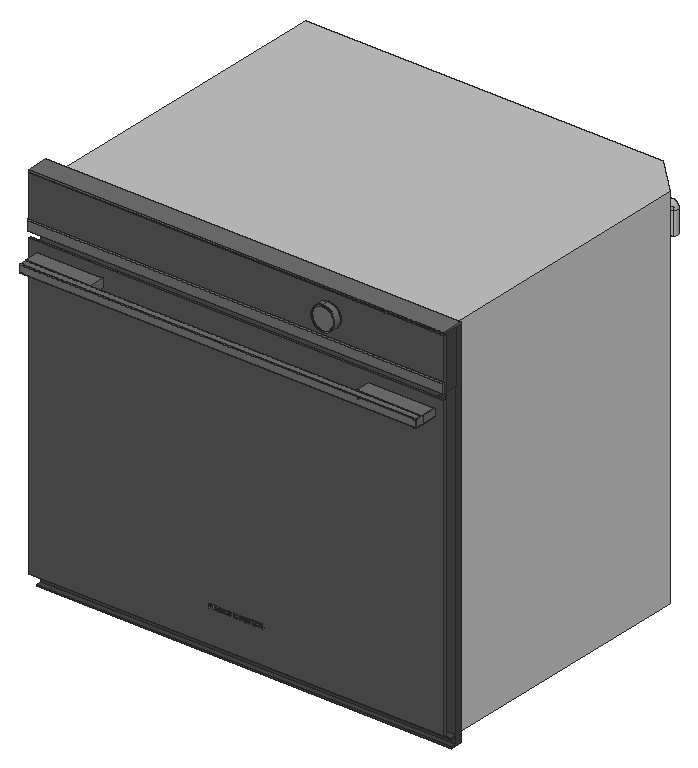
Revit family "FP_Revit_18_OB30SDPTDB1_Oven_90000938A", category Specialty Equipment, Revit 2018
Family settings
  Round Connector Dimension = Use Diameter
  Part Type = Normal
  OmniClass Number = 23.40.40.14.17.11
  OmniClass Title = Cookers, Ovens, Stoves
  Work Plane-Based = No
  Always vertical = Yes
  Cut with Voids When Loaded = Yes
  Shared = No
  Room Calculation Point = No
Parameters (values of type "OB30SDPTDB1")
  Visibility - Clearance Required = yes
  URL = "www.fisherpaykel.com"
  Product - Width = 760 mm  # constant formula
  Product - Height = 690 mm  # constant formula
  Product - Depth = 609 mm  # constant formula
  Model = "OB30SDPTDB1"
  Material - Trim = Fisher & Paykel - Aluminium, Dark
  Material - Structure = Fisher & Paykel - Black
  Material - Handle = Fisher & Paykel - Aluminium, Dark
  Material - Glass = Fisher & Paykel - Glass, Black
  Material - Buttons and Dials = Fisher & Paykel - Aluminium, Dark
  Material - Body = Fisher & Paykel - Grey
  Manufacturer = "Fisher & Paykel Appliances"
  FFL Offset [instance] = 170 mm
  Description = "30\" Self Cleaning Oven"
  Connector Note - Electrical = "208V or 240 V, 16.6 A - 19.4 A"
  Chassis - Width = 720 mm  # constant formula
  Chassis - Height = 675 mm  # constant formula
  Chassis - Depth = 569 mm  # constant formula
  Cavity - Width = 764 mm  # constant formula
  Cavity - Height = 693 mm  # constant formula
  Cavity - Depth = 575 mm  # constant formula
Reference planes
  plane 1 "Datum": y = 0
  plane 2: z = 0
  plane 3 "Center (Left/Right)": x = 0
  plane 4: z = 863
  plane 5: z = 860
  plane 6 "Product LHS": x = -380
  plane 7 "Product RHS": x = 380
  plane 8 "Product - Depth": y = 569
  plane 9 "Cavity LHS": x = -382
  plane 10 "Cavity RHS": x = 382
  plane 11 "Cavity - Depth": y = 575
  plane 12 "Front Face": y = -40
  plane 13 "FFL Offset": z = 170
Forms (mm)
  Extrusion 1, solid, material "Fisher & Paykel - Grey" <- "Material - Body"
    sketch origin (0, 0, 0) x (1, 0, 0) y (0, 1, 0)
      loop
        line (-359.809, 0) -> (360.191, 0) -> (360.191, 503) -> (294.191, 569) -> (-359.809, 569) -> (-359.809, 0)
    from 170 to 845
  Extrusion 2, solid, material "Fisher & Paykel - Clearance Required", visible <- "Visibility - Clearance Required", detail levels coarse
    sketch origin (0, 0, 0) x (1, 0, 0) y (0, 1, 0)
      loop
        line (-361.809, 0) -> (362.191, 0) -> (362.191, 575) -> (-361.809, 575) -> (-361.809, 0)
    from 170 to 851
  Extrusion 3, solid, material "Fisher & Paykel - Black" <- "Material - Structure"
    sketch origin (0, 0, 0) x (0, 1, 0) y (0, 0, 1)
      loop
        line (-11, 857.1) -> (-11, 187.834) -> (-21.5, 185.02) -> (-21.254, 184.102) -> (-11, 186.85) -> (-11, 171.95) -> (-22, 171.95) -> (-22, 170) -> (0, 170) -> (0, 857.1) -> (-11, 857.1)
    from -380 to 380
  Extrusion 4, solid, material "Fisher & Paykel - Black" <- "Material - Structure"
    sketch origin (0, 0, 0) x (0, 1, 0) y (0, 0, 1)
      loop
        line (-36, 857.1) -> (-36, 760) -> (-11, 760) -> (-11, 857.1) -> (-36, 857.1)
    from -380 to 380
  Extrusion 5, solid, material "Fisher & Paykel - Black" <- "Material - Structure"
    sketch origin (0, 0, 0) x (0, 1, 0) y (0, 0, 1)
      loop
        line (-16.2, 197.63) -> (-16.2, 747.665) -> (-36, 747.665) -> (-36, 197.63) -> (-16.2, 197.63)
    from -365 to 363.494
  Extrusion 6, solid, material "Fisher & Paykel - Black" <- "Material - Structure"
    sketch origin (0, 0, 0) x (0, 1, 0) y (0, 0, 1)
      loop
        line (-16.2, 747.665) -> (-16.2, 197.63) -> (-11, 197.63) -> (-11, 747.665) -> (-16.2, 747.665)
    from -361 to 361
  Extrusion 7, solid, material "Fisher & Paykel - Glass, Black" <- "Material - Glass"
    sketch origin (0, 0, 0) x (0, 1, 0) y (0, 0, 1)
      loop
        line (-40, 747.665) -> (-40, 197.63) -> (-36, 197.63) -> (-36, 747.665) -> (-40, 747.665)
    from -380 to 380
  Extrusion 8, solid, material "Fisher & Paykel - Glass, Black"
    sketch origin (0, 0, 0) x (0, 1, 0) y (0, 0, 1)
      loop
        line (-40, 855.1) -> (-40, 760) -> (-36, 760) -> (-36, 855.1) -> (-40, 855.1)
    from -380 to 380
  Extrusion 9, solid, material "Fisher & Paykel - Aluminium, Dark" <- "Material - Trim", detail levels fine
    sketch origin (0, 0, 0) x (0, 1, 0) y (0, 0, 1)
      loop
        line (-41.95, 777.531) -> (-41.95, 760) -> (-40, 760) -> (-40, 779.643) -> (-40.8, 779.643) -> (-41.95, 777.531)
    from -380 to 380
  Extrusion 10, solid, material "Fisher & Paykel - Clearance Required", visible <- "Visibility - Clearance Required", detail levels coarse
    sketch origin (0, -2000, 0) x (0, 1, 0) y (0, 0, 1)
      loop
        line (2000, 863) -> (1961, 863) -> (1961, 749.316)
        arc (1961, 749.316) -> (1570.899, 587.731) -> (1409.314, 197.63) r 551.686
        line (1409.314, 197.63) -> (1960, 197.63) -> (1960, 170) -> (2000, 170) -> (2000, 863)
    from -382 to 382
  Extrusion 11, solid, material "Fisher & Paykel - Aluminium, Dark" <- "Material - Trim"
    sketch origin (0, 0, 0) x (0, 1, 0) y (0, 0, 1)
      loop
        line (-40, 860) -> (-40, 857.1) -> (0, 857.1) -> (0, 860) -> (-40, 860)
    from -380 to 380
  Extrusion 12, void
    sketch origin (0, 0, 0) x (1, 0, 0) y (0, 1, 0)
      loop
        line (-361.809, 575) -> (-361.809, 0) -> (362.191, 0) -> (362.191, 575) -> (-361.809, 575)
    from 170 to 851
  Extrusion 13, void
    sketch origin (0, 0, 0) x (1, 0, 0) y (0, 1, 0)
      loop
        line (-382, 0) -> (-382, -40) -> (382, -40) -> (382, 0) -> (-382, 0)
    from 170 to 863
Lines and regions (mm)
  model lines, style "Fisher & Paykel"
    curve 1: line (-54, -40, 850.5) -> (54, -40, 850.5)
    curve 2: line (-54, -40, 785.7) -> (-54, -40, 850.5)
    curve 3: line (54, -40, 785.7) -> (-54, -40, 785.7)
    curve 4: line (54, -40, 850.5) -> (54, -40, 785.7)
Text (mm)
  text "Due to ongoing product development, product details are subject to change without notice. \nPlease always refer to www.fisherpaykel.com for the most current product information. \n© Fisher & Paykel 2020" at (41.04, -678.295, 0), in view "Ref. Level (Plan)"
Dimensions and locks
  equal spacing: plane 6 "Product LHS", plane 3 "Center (Left/Right)", plane 7 "Product RHS"
  "Product - Width": plane 6 "Product LHS" to plane 7 "Product RHS"
  "Chassis - Depth": plane 1 "Datum" to plane 8 "Product - Depth"
  equal spacing: plane 9 "Cavity LHS", plane 3 "Center (Left/Right)", plane 10 "Cavity RHS"
  "Cavity - Depth": plane 11 "Cavity - Depth" to plane 1 "Datum"
  Extrusion 2 to Extrusion 2 = 724 mm
  "Cavity - Width": plane 9 "Cavity LHS" to plane 10 "Cavity RHS"
  "Chassis - Width": Extrusion 1 to Extrusion 1
  plane 12 "Front Face" to plane 1 "Datum" = 40 mm
  "FFL Offset": plane 13 "FFL Offset" to level
  "Product - Height": plane 5 to plane 13 "FFL Offset"
  "Cavity - Height": plane 4 to plane 13 "FFL Offset"
  locked: plane 5 to nested 1 at 109.352
  "Chassis - Height": Extrusion 1 to plane 13 "FFL Offset"
  locked: plane 5 to nested 3 at 44.498
  locked: Extrusion 7 to plane 13 "FFL Offset" at 27.63
  locked: Extrusion 2 to plane 13 "FFL Offset" at 681
  locked: plane 5 to nested 4 at 129.432
  locked: nested 2 to plane 13 "FFL Offset" at 88.491
  aligned and locked: level to plane 2
  aligned and locked: plane 6 "Product LHS" to Extrusion 3
  aligned and locked: Extrusion 3 to plane 7 "Product RHS"
  aligned and locked: plane 9 "Cavity LHS" to Extrusion 10
  aligned and locked: Extrusion 10 to plane 10 "Cavity RHS"
  aligned and locked: Extrusion 1 to plane 13 "FFL Offset"
  aligned and locked: plane 13 "FFL Offset" to Extrusion 3 sketch curve
  aligned and locked: Extrusion 10 sketch curve to plane 13 "FFL Offset"
  aligned and locked: Extrusion 7 to Extrusion 6
  aligned and locked: Extrusion 5 to Extrusion 6
  aligned and locked: Extrusion 2 to Extrusion 1
  aligned and locked: Extrusion 12 to Extrusion 1
  aligned and locked: Extrusion 13 to Extrusion 1
  aligned and locked: plane 4 to Extrusion 13
  aligned and locked: Extrusion 12 to Extrusion 2
Automatic sketch dimensions
  plane 1 "Datum" to Extrusion 1 sketch curve = 0 mm
  Extrusion 1 sketch curve to plane 8 "Product - Depth" = 0 mm
  Extrusion 1 sketch curve to plane 6 "Product LHS" = 20.191 mm
  plane 7 "Product RHS" to Extrusion 1 sketch curve = 85.809 mm
  plane 7 "Product RHS" to Extrusion 1 sketch curve = 19.809 mm
  Extrusion 1 sketch curve to plane 8 "Product - Depth" = 66 mm
  plane 1 "Datum" to Extrusion 2 sketch curve = 0 mm
  plane 11 "Cavity - Depth" to Extrusion 2 sketch curve = 0 mm
  Extrusion 2 sketch curve to plane 6 "Product LHS" = 18.191 mm
  plane 7 "Product RHS" to Extrusion 2 sketch curve = 17.809 mm
  plane 1 "Datum" to Extrusion 4 sketch curve = 36 mm
  plane 1 "Datum" to Extrusion 4 sketch curve = 11 mm
  Extrusion 4 sketch curve to plane 5 = 100 mm
  Extrusion 4 sketch curve to plane 5 = 2.9 mm
  plane 1 "Datum" to Extrusion 5 sketch curve = 36 mm
  plane 1 "Datum" to Extrusion 5 sketch curve = 16.2 mm
  level to Extrusion 5 sketch curve = 197.63 mm
  Extrusion 5 sketch curve to plane 5 = 112.335 mm
  plane 1 "Datum" to Extrusion 6 sketch curve = 16.2 mm
  Extrusion 6 sketch curve to Extrusion 6 sketch curve = 5.2 mm
  level to Extrusion 6 sketch curve = 197.63 mm
  Extrusion 6 sketch curve to plane 5 = 112.335 mm
  plane 1 "Datum" to Extrusion 7 sketch curve = 40 mm
  Extrusion 7 sketch curve to Extrusion 7 sketch curve = 4 mm
  level to Extrusion 7 sketch curve = 197.63 mm
  Extrusion 7 sketch curve to plane 5 = 112.335 mm
  plane 1 "Datum" to Extrusion 8 sketch curve = 40 mm
  Extrusion 8 sketch curve to Extrusion 8 sketch curve = 4 mm
  Extrusion 8 sketch curve to plane 5 = 100 mm
  Extrusion 8 sketch curve to plane 5 = 4.9 mm
  plane 5 to Extrusion 11 sketch curve = 0 mm
  Extrusion 11 sketch curve to plane 5 = 2.9 mm
  Extrusion 11 sketch curve to Extrusion 11 sketch curve = 40 mm
  plane 1 "Datum" to Extrusion 11 sketch curve = 40 mm
  plane 1 "Datum" to Extrusion 12 sketch curve = 0 mm
  Extrusion 12 sketch curve to plane 6 "Product LHS" = 18.191 mm
  plane 7 "Product RHS" to Extrusion 12 sketch curve = 17.809 mm
  plane 11 "Cavity - Depth" to Extrusion 12 sketch curve = 0 mm
  Extrusion 13 sketch curve to plane 9 "Cavity LHS" = 0 mm
  Extrusion 13 sketch curve to plane 10 "Cavity RHS" = 0 mm
  plane 1 "Datum" to Extrusion 13 sketch curve = 0 mm
  plane 1 "Datum" to Extrusion 13 sketch curve = 40 mm
  Extrusion 9 sketch curve to Extrusion 9 sketch curve = 0.8 mm
  Extrusion 9 sketch curve to plane 12 "Front Face" = 1.95 mm
  Extrusion 9 sketch curve to plane 5 = 100 mm
  Extrusion 9 sketch curve to Extrusion 9 sketch curve = 17.531 mm
  Extrusion 9 sketch curve to Extrusion 9 sketch curve = 2.112 mm
  Extrusion 9 sketch curve to plane 12 "Front Face" = 0 mm
  plane 3 "Center (Left/Right)" to curve 1 = 54 mm
  curve 2 to plane 4 = 77.3 mm
  curve 3 to curve 2 = 108 mm
  curve 2 to curve 1 = 64.8 mm
  Extrusion 3 sketch curve to plane 1 "Datum" = 0 mm
  plane 1 "Datum" to Extrusion 3 sketch curve = 11 mm
  Extrusion 3 sketch curve to Extrusion 3 sketch curve = 0 mm
  Extrusion 3 sketch curve to Extrusion 3 sketch curve = 10.254 mm
  plane 13 "FFL Offset" to Extrusion 3 sketch curve = 15.02 mm
  Extrusion 3 sketch curve to Extrusion 3 sketch curve = 0.246 mm
  plane 13 "FFL Offset" to Extrusion 3 sketch curve = 1.95 mm
  Extrusion 3 sketch curve to Extrusion 3 sketch curve = 11 mm
  Extrusion 3 sketch curve to Extrusion 3 sketch curve = 0.918 mm
  Extrusion 3 sketch curve to plane 5 = 2.9 mm
  Extrusion 10 sketch curve to plane 1 "Datum" = 0 mm
  plane 12 "Front Face" to Extrusion 10 sketch curve = 1 mm
  Extrusion 10 sketch curve to Extrusion 10 sketch curve = 1 mm
  plane 13 "FFL Offset" to Extrusion 10 sketch curve = 27.63 mm
  Extrusion 10 sketch curve to plane 12 "Front Face" = 550.686 mm
  Extrusion 10 sketch curve to plane 4 = 0 mm
Nested families
  nested 1: "F&P Inlet Power OB30" at (327.191, 536, 800.625) x (0.7071, -0.7071, 0) z (0, 0, 1), type "F&P Inlet Power OB30"
  nested 2: "F&P Logo 100mm" at (0, -40, 258.6), type "Grey", detail levels fine
  nested 3: "F&P Dial OB" at (170, -40, 815.502), type "F&P Dial OB Black"
  nested 4: "F&P Handle Contemporary Square OB30" at (0, -40, 722.59), type "Aluminium, Dark"
Connectors
  electrical at (334.648, 543.457, 750.648), driven by "Connector Note - Electrical"
    settings: on nested 1, index 1, voltage 120 V, apparent load 0 VA, apparent load phase1 0 VA, apparent load phase2 0 VA, apparent load phase3 0 VA, power factor 1, load classification "Other", number of poles 2, system type 30, power factor state 1, is connector primary yes, connector utility no, sub classification motor no, connector description "208V or 240 V, 16.6 A - 19.4 A"
Definition of nested family "F&P Inlet Power OB30"
  Parameters (values of type "F&P Inlet Power OB30")
    URL = "www.fisherpaykel.com"
    Material - Body = none
    Manufacturer = "Fisher & Paykel Appliances"
  Reference planes
    plane 1 "Center (Front/Back)": y = 0
    plane 2: z = 0
    plane 3 "Center (Left/Right)": x = 0
  Forms (mm)
    Extrusion 1, solid, material <- "Material - Body"
      sketch origin (0, 0, 0) x (1, 0, 0) y (0, 0, 1)
        loop
          circle (0, 0) r 14.523
        loop
          circle (0, 0) r 7.273
      from -3.02 to 0
    Sweep 2, solid, material <- "Material - Body"
      path origin (0, 0, 0) x (0, 1, 0) y (0, 0, 1)
        loop
          line (0, 0) -> (2.546, 0)
          arc (2.546, 0) -> (8.203, -2.343) -> (10.546, -8) r 8
          line (10.546, -8) -> (10.546, -49.977)
      profile origin (0, 1.273, 0) x (0, 0, 1) y (1, 0, 0)
        loop
          circle (0, 0) r 7.273
  Dimensions and locks
    aligned and locked: level to plane 2
Definition of nested family "F&P Logo 100mm"
  Parameters (values of type "Chrome")
    URL = "www.fisherpaykel.com"
    Material - Logo = none
    Manufacturer = "Fisher & Paykel Appliances"
  Types (3): name
    (no name)
    Chrome
    Grey
  Reference planes
    plane 1 "Center (Front/Back)": y = 0
    plane 2: z = 0
    plane 3 "Center (Left/Right)": x = 0
  Forms (mm)
    Extrusion 1, solid, material <- "Material - Logo", detail levels fine
      sketch origin (0, 0, 0) x (1, 0, 0) y (0, 0, 1)
        loop
          line (-50.044, 0) -> (-48.47, 0) -> (-48.47, 2.138) -> (-46.011, 2.138) -> (-46.011, 3.472) -> (-48.47, 3.472) -> (-48.47, 4.712) -> (-45.795, 4.712) -> (-45.795, 6.04) -> (-50.044, 6.04) -> (-50.044, 0)
        loop
          line (-42.804, 6.04) -> (-42.804, 0) -> (-41.23, 0) -> (-41.23, 6.04) -> (-42.804, 6.04)
        loop
          line (-30.724, 6.04) -> (-30.724, 0) -> (-29.151, 0) -> (-29.151, 2.42) -> (-26.839, 2.42) -> (-26.839, 0) -> (-25.265, 0) -> (-25.265, 6.04) -> (-26.839, 6.04) -> (-26.839, 3.748) -> (-29.151, 3.748) -> (-29.151, 6.04) -> (-30.724, 6.04)
        loop
          line (-21.906, 6.04) -> (-21.906, 0) -> (-17.602, 0) -> (-17.602, 1.328) -> (-20.347, 1.328) -> (-20.347, 2.42) -> (-17.838, 2.42) -> (-17.838, 3.748) -> (-20.347, 3.748) -> (-20.347, 4.712) -> (-17.602, 4.712) -> (-17.602, 6.04) -> (-21.906, 6.04)
        loop
          line (45.667, 6.04) -> (45.667, 0) -> (49.956, 0) -> (49.956, 1.328) -> (47.241, 1.328) -> (47.241, 6.04) -> (45.667, 6.04)
        loop
          line (42.431, 6.04) -> (38.112, 6.04) -> (38.112, 0) -> (42.431, 0) -> (42.431, 1.328) -> (39.687, 1.328) -> (39.687, 2.42) -> (42.195, 2.42) -> (42.195, 3.748) -> (39.687, 3.748) -> (39.687, 4.712) -> (42.431, 4.712) -> (42.431, 6.04)
        loop
          line (33.451, 3.148) -> (35.683, 6.04) -> (33.844, 6.04) -> (31.915, 3.542) -> (31.915, 6.04) -> (30.342, 6.04) -> (30.342, 0) -> (31.915, 0) -> (31.915, 2.705) -> (33.903, 0) -> (35.763, 0) -> (33.451, 3.148)
        loop
          line (21.98, 6.04) -> (24.262, 2.42) -> (24.262, 0) -> (25.837, 0) -> (25.837, 2.341) -> (28.119, 6.04) -> (26.446, 6.04) -> (25.099, 3.707) -> (23.753, 6.04) -> (21.98, 6.04)
        loop
          line (18.479, 6.04) -> (16.983, 6.04) -> (14.524, 0) -> (16.069, 0) -> (16.501, 1.112) -> (18.921, 1.112) -> (19.354, 0) -> (20.938, 0) -> (18.479, 6.04)
        loop
          line (18.4, 2.439) -> (17.693, 4.174) -> (17.018, 2.439) -> (18.4, 2.439)
        loop
          line (8.031, 6.04) -> (8.031, 0) -> (9.605, 0) -> (9.605, 1.938) -> (10.599, 1.938)
          arc (10.599, 1.938) -> (12.65, 3.989) -> (10.599, 6.04) r 2.051
          line (10.599, 6.04) -> (8.031, 6.04)
        loop
          line (9.605, 4.712) -> (9.605, 3.197) -> (10.501, 3.197)
          arc (10.501, 3.197) -> (11.259, 3.954) -> (10.501, 4.712) r 0.757
          line (10.501, 4.712) -> (9.605, 4.712)
        loop
          line (-11.783, 6.04) -> (-14.366, 6.04) -> (-14.366, 0) -> (-12.792, 0) -> (-12.792, 1.336) -> (-11.992, 1.336) -> (-10.972, 0) -> (-9.153, 0) -> (-10.694, 1.973)
          arc (-10.694, 1.973) -> (-9.678, 4.424) -> (-11.783, 6.04) r 2.179
        loop
          line (-11.897, 4.712) -> (-12.792, 4.712) -> (-12.792, 3.053) -> (-11.897, 3.053)
          arc (-11.897, 3.053) -> (-11.068, 3.882) -> (-11.897, 4.712) r 0.83
        loop
          line (0.477, 4.712) -> (0.477, 6.153) -> (-3.575, 6.153) -> (-3.575, 4.851) -> (-2.974, 4.112)
          arc (-2.974, 4.112) -> (-3.51, 0.684) -> (-0.045, 0.512) r 2.334
          line (-0.045, 0.512) -> (0.46, -0.109) -> (2.246, -0.109) -> (0.86, 1.594) -> (2.061, 3.324) -> (0.443, 3.324) -> (-0.013, 2.667) -> (-1.677, 4.712) -> (0.477, 4.712)
        loop
          arc (-2.125, 3.068) -> (-2.269, 1.668) -> (-0.868, 1.524) r 0.996
          line (-0.868, 1.524) -> (-2.125, 3.068)
        loop
          line (-35.18, 3.634) -> (-36.516, 3.91)
          arc (-36.516, 3.91) -> (-37.049, 4.443) -> (-36.516, 4.976) r 0.533
          arc (-36.516, 4.976) -> (-35.235, 4.79) -> (-34.059, 4.248) r 4.505
          line (-34.059, 4.248) -> (-34.059, 5.743)
          arc (-34.059, 5.743) -> (-35.549, 6.179) -> (-37.1, 6.109) r 4.726
          arc (-37.1, 6.109) -> (-38.536, 4.335) -> (-37.1, 2.561) r 1.814
          line (-37.1, 2.561) -> (-35.754, 2.282)
          arc (-35.754, 2.282) -> (-35.221, 1.749) -> (-35.754, 1.216) r 0.533
          arc (-35.754, 1.216) -> (-37.035, 1.402) -> (-38.211, 1.945) r 4.505
          line (-38.211, 1.945) -> (-38.211, 0.449)
          arc (-38.211, 0.449) -> (-36.72, 0.013) -> (-35.169, 0.083) r 4.726
          arc (-35.169, 0.083) -> (-33.734, 1.863) -> (-35.18, 3.634) r 1.814
      from 0 to 0.8
  Dimensions and locks
    aligned and locked: level to plane 2
Definition of nested family "F&P Dial OB"
  Parameters (values of type "F&P Dial OB Black")
    URL = "www.fisherpaykel.com"
    Material - Buttons and Dials = none
    Material - Bezel = none
    Manufacturer = "Fisher & Paykel Appliances"
  Types (2): name
    F&P Dial OB
    F&P Dial OB Black
  Reference planes
    plane 1 "Center (Front/Back)": y = 0
    plane 2: z = 0
    plane 3 "Center (Left/Right)": x = 0
  Forms (mm)
    Revolve 1, solid, material <- "Material - Buttons and Dials", detail levels fine
      sketch origin (0, 0, 0) x (0, 1, 0) y (0, 0, 1)
        loop
          line (0, 22) -> (-0.843, 22) -> (-0.843, 16.038) -> (-2.39, 16.038) -> (-2.39, 22) -> (-13.7, 22) -> (-13.7, 21.2) -> (-13.191, 20) -> (-8.9, 20) -> (-8.9, 0) -> (0, 0) -> (0, 22)
        axis (0, 0) -> (-13.7, 0)
      angle from 0 to 360
    Extrusion 2, solid, material <- "Material - Buttons and Dials", detail levels fine
      sketch origin (0, 0, 0) x (1, 0, 0) y (0, 0, 1)
        loop
          circle (0, 0) r 19.45
      from 8.9 to 13.191
    Extrusion 3, solid, material <- "Material - Buttons and Dials", detail levels coarse+medium
      sketch origin (0, 0, 0) x (1, 0, 0) y (0, 0, 1)
        loop
          circle (0, 0) r 22
      from 0 to 13.7
    Extrusion 4, solid, material <- "Material - Bezel", detail levels fine
      sketch origin (0, 0, 0) x (1, 0, 0) y (0, 0, 1)
        loop
          circle (0, 0) r 19.45
        loop
          circle (0, 0) r 20
      from 2.39 to 13.191
  Dimensions and locks
    aligned and locked: level to plane 2
Definition of nested family "F&P Handle Contemporary Square OB30"
  Parameters (values of type "Aluminium, Dark")
    URL = "www.fisherpaykel.com"
    Material - Handle = none
    Manufacturer = "Fisher & Paykel Appliances"
    Handle - Length = 727 mm
  Types (3): name
    (no name)
    Aluminium
    Aluminium, Dark
  Reference planes
    plane 1 "Center (Front/Back)": y = 0
    plane 2: z = 0
    plane 3 "Center (Left/Right)": x = 0
    plane 4 "Product LHS": x = -363.5
    plane 5 "Product RHS": x = 363.5
    plane 6 "LHS Standoff": x = -243.495
    plane 7 "RHS Standoff": x = 243.505
  Forms (mm)
    Extrusion 1, solid, material <- "Material - Handle", detail levels fine
      sketch origin (0, 0, 0) x (0, 1, 0) y (0, 0, 1)
        loop
          arc (-28.701, 7.561) -> (-29.057, 7.868) -> (-29.514, 7.978) r 1
          line (-29.514, 7.978) -> (-40.5, 7.978)
          arc (-40.5, 7.978) -> (-41.561, 7.539) -> (-42, 6.478) r 1.5
          line (-42, 6.478) -> (-42, -6.522)
          arc (-42, -6.522) -> (-41.561, -7.583) -> (-40.5, -8.022) r 1.5
          line (-40.5, -8.022) -> (-29.487, -8.022)
          arc (-29.487, -8.022) -> (-29.029, -7.911) -> (-28.673, -7.602) r 1
          arc (-28.673, -7.602) -> (-26.256, -0.016) -> (-28.701, 7.561) r 13.038
      from -363.5 to 363.5
    Extrusion 2, solid, material <- "Material - Handle", detail levels fine
      sketch origin (0, 0, 0) x (0, 1, 0) y (0, 0, 1)
        loop
          arc (-28.23, 7.062) -> (-26.156, 0.008) -> (-28.198, -7.056) r 13.136
          arc (-28.198, -7.056) -> (-28.21, -7.463) -> (-27.86, -7.67) r 0.4
          line (-27.86, -7.67) -> (0, -7.67) -> (0, 7.678) -> (-27.893, 7.678)
          arc (-27.893, 7.678) -> (-28.244, 7.47) -> (-28.23, 7.062) r 0.4
      from 243.505 to 363.5
    Extrusion 3, solid, material <- "Material - Handle", detail levels fine
      sketch origin (0, 0, 0) x (0, 1, 0) y (0, 0, -1)
        loop
          arc (-28.23, -7.062) -> (-28.244, -7.47) -> (-27.893, -7.678) r 0.4
          line (-27.893, -7.678) -> (0, -7.678) -> (0, 7.67) -> (-27.86, 7.67)
          arc (-27.86, 7.67) -> (-28.21, 7.463) -> (-28.198, 7.056) r 0.4
          arc (-28.198, 7.056) -> (-26.156, -0.008) -> (-28.23, -7.062) r 13.136
      from 243.495 to 363.5
    Sweep 4, void
      path in 3D
        loop
          line (363.5, -29.514, 7.978) -> (363.5, -40.5, 7.978)
          arc (363.5, -40.5, 7.978) -> (363.5, -41.561, 7.539) -> (363.5, -42, 6.478) r 1.5
          line (363.5, -42, 6.478) -> (363.5, -42, -6.522)
          arc (363.5, -42, -6.522) -> (363.5, -41.561, -7.583) -> (363.5, -40.5, -8.022) r 1.5
          line (363.5, -40.5, -8.022) -> (363.5, -29.487, -8.022)
      profile origin (363.5, -35.007, 7.978) x (1, 0, 0) y (0, 0, 1)
        loop
          line (0, 0) -> (-1.3, 0) -> (0, -1.3) -> (0, 0)
    Sweep 5, void
      path in 3D
        loop
          line (-363.5, -29.487, -8.022) -> (-363.5, -40.5, -8.022)
          arc (-363.5, -40.5, -8.022) -> (-363.5, -41.561, -7.583) -> (-363.5, -42, -6.522) r 1.5
          line (-363.5, -42, -6.522) -> (-363.5, -42, 6.478)
          arc (-363.5, -42, 6.478) -> (-363.5, -41.561, 7.539) -> (-363.5, -40.5, 7.978) r 1.5
          line (-363.5, -40.5, 7.978) -> (-363.5, -29.514, 7.978)
      profile origin (-363.5, -35.007, 7.978) x (-1, 0, 0) y (0, 0, 1)
        loop
          line (0, 0) -> (-1.3, 0) -> (0, -1.3) -> (0, 0)
    Extrusion 6, void
      sketch origin (0, 0, 0) x (1, 0, 0) y (0, 0, 1)
        loop
          line (363.5, 7.978) -> (362.2, 7.978) -> (363.5, 6.678) -> (363.5, 7.978)
        loop
          line (363.5, -8.022) -> (363.5, -6.722) -> (362.2, -8.022) -> (363.5, -8.022)
      from 0 to 40
    Extrusion 7, void
      sketch origin (0, 0, 0) x (1, 0, 0) y (0, 0, 1)
        loop
          line (-363.5, 7.978) -> (-363.5, 6.678) -> (-362.2, 7.978) -> (-363.5, 7.978)
        loop
          line (-363.5, -8.022) -> (-362.2, -8.022) -> (-363.5, -6.722) -> (-363.5, -8.022)
      from 0 to 40
    Extrusion 8, solid, material <- "Material - Handle", detail levels coarse+medium
      sketch origin (0, 0, 0) x (1, 0, 0) y (0, 1, 0)
        loop
          line (-363.5, -42) -> (363.5, -42) -> (363.5, 0) -> (243.505, 0) -> (243.505, -26.156) -> (-243.495, -26.156) -> (-243.495, 0) -> (-363.5, 0) -> (-363.5, -42)
      from -8.022 to 7.978
  Cuts and joins
    Sweep 4, Sweep 5, Extrusion 6, Extrusion 7 cuts Extrusion 1
    Extrusion 6 cuts Extrusion 2
    Extrusion 7 cuts Extrusion 3
  Lines and regions (mm)
    sketch lines
      curve 1: line (363.5, -29.514, 7.978) -> (363.5, -40.5, 7.978)
      curve 2: arc (363.5, -42, 6.478) -> (363.5, -41.561, 7.539) -> (363.5, -40.5, 7.978) r 1.5
      curve 3: line (363.5, -42, 6.478) -> (363.5, -42, -6.522)
      curve 4: arc (363.5, -40.5, -8.022) -> (363.5, -41.561, -7.583) -> (363.5, -42, -6.522) r 1.5
      curve 5: line (363.5, -40.5, -8.022) -> (363.5, -29.487, -8.022)
      curve 6: line (-363.5, -40.5, 7.978) -> (-363.5, -29.514, 7.978)
      curve 7: arc (-363.5, -40.5, 7.978) -> (-363.5, -41.561, 7.539) -> (-363.5, -42, 6.478) r 1.5
      curve 8: line (-363.5, -42, -6.522) -> (-363.5, -42, 6.478)
      curve 9: arc (-363.5, -42, -6.522) -> (-363.5, -41.561, -7.583) -> (-363.5, -40.5, -8.022) r 1.5
      curve 10: line (-363.5, -29.487, -8.022) -> (-363.5, -40.5, -8.022)
  Dimensions and locks
    equal spacing: plane 4 "Product LHS", plane 3 "Center (Left/Right)", plane 5 "Product RHS"
    "Handle - Length": plane 4 "Product LHS" to plane 5 "Product RHS"
    locked: plane 4 "Product LHS" to plane 6 "LHS Standoff" at 120.005
    locked: plane 7 "RHS Standoff" to plane 5 "Product RHS" at 119.995
    aligned and locked: level to plane 2
    aligned and locked: Extrusion 1 to plane 5 "Product RHS"
    aligned and locked: plane 4 "Product LHS" to Extrusion 1
    aligned and locked: Extrusion 2 to plane 5 "Product RHS"
    aligned and locked: plane 4 "Product LHS" to Extrusion 3
    aligned and locked: plane 4 "Product LHS" to Extrusion 8 sketch curve
    aligned and locked: Extrusion 8 sketch curve to plane 5 "Product RHS"
    aligned and locked: Extrusion 8 sketch curve to plane 7 "RHS Standoff"
    aligned and locked: plane 6 "LHS Standoff" to Extrusion 8 sketch curve
    aligned and locked: Extrusion 2 to plane 7 "RHS Standoff"
    aligned and locked: plane 6 "LHS Standoff" to Extrusion 3
  Automatic sketch dimensions
    Extrusion 1 sketch curve to level = 6.522 mm
    plane 1 "Center (Front/Back)" to Extrusion 1 sketch curve = 42 mm
    Extrusion 1 sketch curve to Extrusion 1 sketch curve = 1.5 mm  (x2)
    Extrusion 1 sketch curve to level = 0.04 mm
    Extrusion 1 sketch curve to Extrusion 1 sketch curve = 1.206 mm
    level to Extrusion 1 sketch curve = 6.978 mm
    Extrusion 1 sketch curve to Extrusion 1 sketch curve = 10.986 mm
    Extrusion 1 sketch curve to Extrusion 1 sketch curve = 11.013 mm
    Extrusion 1 sketch curve to Extrusion 1 sketch curve = 1 mm
    level to Extrusion 1 sketch curve = 6.478 mm
    Extrusion 1 sketch curve to Extrusion 1 sketch curve = 0 mm
    Extrusion 2 sketch curve to plane 1 "Center (Front/Back)" = 0 mm
    Extrusion 2 sketch curve to level = 7.67 mm
    Extrusion 2 sketch curve to Extrusion 2 sketch curve = 27.86 mm
    level to Extrusion 2 sketch curve = 7.678 mm
    Extrusion 2 sketch curve to Extrusion 2 sketch curve = 0.033 mm
    Extrusion 2 sketch curve to level = 0.022 mm
    Extrusion 2 sketch curve to Extrusion 2 sketch curve = 11.398 mm
    Extrusion 2 sketch curve to Extrusion 2 sketch curve = 0.4 mm  (x2)
    Extrusion 2 sketch curve to Extrusion 2 sketch curve = 0 mm
    Extrusion 3 sketch curve to plane 1 "Center (Front/Back)" = 0 mm
    Extrusion 3 sketch curve to level = 7.67 mm
    Extrusion 3 sketch curve to Extrusion 3 sketch curve = 27.86 mm
    level to Extrusion 3 sketch curve = 7.678 mm
    Extrusion 3 sketch curve to Extrusion 3 sketch curve = 0.033 mm
    Extrusion 3 sketch curve to level = 0.022 mm
    Extrusion 3 sketch curve to Extrusion 3 sketch curve = 11.398 mm
    Extrusion 3 sketch curve to Extrusion 3 sketch curve = 0.4 mm  (x2)
    Extrusion 3 sketch curve to Extrusion 3 sketch curve = 0 mm
    profile plane to Sweep 4 sketch curve = 0 mm
    Sweep 4 sketch curve to profile plane = 0 mm
    Sweep 4 sketch curve to profile plane = 1.3 mm
    profile plane to Sweep 4 sketch curve = 1.3 mm
    Sweep 5 sketch curve to profile plane = 0 mm  (x2)
    profile plane to Sweep 5 sketch curve = 1.3 mm
    Sweep 5 sketch curve to profile plane = 1.3 mm
    plane 5 "Product RHS" to Extrusion 6 sketch curve = 0 mm  (x2)
    Extrusion 6 sketch curve to Extrusion 6 sketch curve = 1.3 mm  (x4)
    Extrusion 6 sketch curve to level = 6.722 mm
    level to Extrusion 6 sketch curve = 6.678 mm
    plane 4 "Product LHS" to Extrusion 7 sketch curve = 0 mm  (x2)
    Extrusion 7 sketch curve to plane 4 "Product LHS" = 1.3 mm  (x2)
    Extrusion 7 sketch curve to level = 8.022 mm
    level to Extrusion 7 sketch curve = 6.678 mm
    Extrusion 7 sketch curve to Extrusion 7 sketch curve = 1.3 mm  (x2)
    plane 1 "Center (Front/Back)" to Extrusion 8 sketch curve = 0 mm  (x2)
    Extrusion 8 sketch curve to Extrusion 8 sketch curve = 26.156 mm
    Extrusion 8 sketch curve to Extrusion 8 sketch curve = 42 mm
